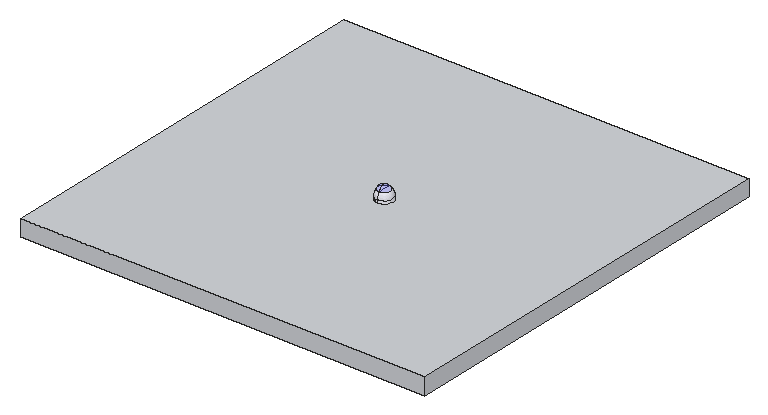
Revit family "BEG-92279", category Dispositifs d'éclairage, Revit 2015
Parameters
  Detection zone [instance] = yes
  Seat area [instance] = height position < 351 cm  # yes
  URL = "http://www.luxomat.com/en-92279"
  Type of output = "DALI (50 ballasts max)"
  Ambiant temperature = "-25°C to +50°C"
  Ref = "92279"
  Relay = "0"
  height position [instance] = 250 cm
  direct Range [instance] = height position * 3.2  # 800 cm
  transversal Range [instance] = height position * 9.6  # 2400 cm
  Modèle = "PD4-M-DALI/DSI-SM"
  installation type = "Ceiling"
  Brand = "LUXOMAT"
  Image du type = 92279.jpg
  IP = "20"
  Mounting height max = Installation height max  # 350 cm
  Installation height max = 350 cm
  Fabricant = "B.E.G"
  Label [instance] = yes
  Default Elevation = 0 cm
  Consumption = "1,03W"
  Commentaires du type = "Occupancy detector PD4-M-DALI/DSI-SM"
  Code d'assemblage = "D5010200"
  Class = "2"
  Switching power LED = "0"
  Switching power Cos ɸ =1 = "0"
  Switching power Cos ɸ =0,5 = "0"
  Power voltage = "110-240 V AC"
  seated activity [instance] = height position * 2.56  # 640 cm
Reference planes (cm)
  plane 1 "Centre (avant/arrière)": y = 0
  plane 2: z = 0
  plane 3 "Centre (gauche/droite)": x = 0
Forms (cm)
  Extrusion 1, solid
    sketch origin (0, 0, 0) x (1, 0, 0) y (0, 1, 0)
      loop
        line (-121.92, 121.92) -> (-121.92, -121.92) -> (121.92, -121.92) -> (121.92, 121.92) -> (-121.92, 121.92)
    from 0 to -10
Dimensions and locks (cm)
  aligned and locked: plane 2 to Extrusion 1
  aligned and locked: level to Extrusion 1
  aligned and locked: nested 2 to plane 2
Nested families (cm)
  nested 1: "Famille1" at (0, -72.6659, 0) x (-1, 0, 0) z (0, 0, 1), reference <- "Ref", modele <- "Modèle", visible <- "Label", type "Famille1"
    with reference "92279", modele "PD4-M-DALI/DSI-SM"
  nested 2: "M14" at (0, 0, 0), type "Standard"
  nested 3: "zone H" at (0, 0, 0) x (-1, 0, 0) z (0, 0, 1), visible <- "Detection zone", biais <- "transversal Range", frontal <- "direct Range", activité assise <- "seated activity", Zone assise <- "Seat area", type "zone H"
    with position 2 320 cm, position 1 960 cm, frontal 800 cm, biais 2400 cm, activité assise 640 cm, Zone assise yes
  nested 4: "Plafond 360° 2D" at (0, 0, 0), type "Plafond 360° 2D"
Connectors (cm)
  electrical at (0, 0, 0)
    settings: on nested 2, index 1, voltage 240 V, apparent load 0 VA, apparent load phase1 0 VA, apparent load phase2 0 VA, apparent load phase3 0 VA, power factor 1, load classification "Eclairage", number of poles 1, system type 31, power factor state 1, is connector primary yes, connector utility no, sub classification motor no, connector description ""
Definition of nested family "M14"
  Reference planes (cm)
    plane 1 "Centre (avant/arrière)": y = 0
    plane 2: z = 0
    plane 3 "Centre (gauche/droite)": x = 0
    plane 4: x = 0
  Forms (cm)
    Revolve 1, solid
      sketch origin (0, 0, 0) x (0, -1, 0) y (0, 0, 1)
        loop
          line (0, 0) -> (0, 5) -> (-3.8, 5)
          arc (-3.8, 5) -> (-4.577, 3.2225) -> (-4.8363, 1.3) r 7
          line (-4.8363, 1.3) -> (-4.9363, 1.3) -> (-5.05, 0) -> (0, 0)
        axis (0, 0) -> (0, 5)
      angle from 0 to 360
    Revolve 2, solid
      sketch origin (0, 0, 0) x (0, -1, 0) y (0, 0, 1)
        loop
          arc (0, 7.6) -> (-2.2816, 6.8864) -> (-3.75, 5) r 4.0043
          line (-3.75, 5) -> (0, 5) -> (0, 7.6)
        axis (0, 5) -> (0, 7.6)
      angle from 0 to 360
  Lines and regions (cm)
    reference lines
      curve 1: line (0, 0, 0) -> (0, 0, 7.6)
      curve 2: line (0, 0, 5) -> (0, 3.8, 5)
      curve 3: arc (0, 3.8, 5) -> (0, 4.577, 3.2225) -> (0, 4.8363, 1.3) r 7
      curve 4: line (0, 4.9363, 1.3) -> (0, 4.8363, 1.3)
      curve 5: line (0, 5.05, 0) -> (0, 4.9363, 1.3)
      curve 6: line (0, 0, 0) -> (0, 5.05, 0)
      curve 7: arc (0, 0, 7.6) -> (0, 2.2816, 6.8864) -> (0, 3.75, 5) r 4.0043
      curve 8: line (0, 3.75, 5) -> (0, 0, 5)
      curve 9: line (0, 0, 7.6) -> (0, 0, 5)
      curve 10: line (0, 0, 0) -> (0, 0, 7.6)
  Dimensions and locks (cm)
    aligned and locked: level to plane 2
    aligned and locked: Revolve 1 sketch curve to curve 1  (x2)
    aligned and locked: Revolve 1 sketch curve to curve 2
    aligned and locked: Revolve 1 sketch curve to curve 3
    aligned and locked: Revolve 1 sketch curve to curve 4
    aligned and locked: Revolve 1 sketch curve to curve 5
    aligned and locked: Revolve 1 sketch curve to curve 6
    aligned and locked: Revolve 2 sketch curve to curve 7
    aligned and locked: Revolve 2 sketch curve to curve 8
    aligned and locked: Revolve 2 sketch curve to curve 9
    aligned and locked: Revolve 2 sketch curve to curve 10
Definition of nested family "Famille1"
  Parameters (values of type "Famille1")
    reference [instance] = ""
    modele [instance] = ""
  Reference planes (cm)
    plane 1: y = 0
    plane 2: x = 0
  Text (cm)
    label "reference\n\nmodele" at (0.0074, 0.0451, 0), shows "reference", "modele"
Definition of nested family "zone H"
  Parameters (values of type "zone H")
    position 2 [instance] = (frontal / 2) * 0.8  # 320 cm
    position 1 [instance] = (biais / 2) * 0.8  # 960 cm
    frontal [instance] = 800 cm
    biais [instance] = 2400 cm
    activité assise [instance] = 640 cm
    Zone assise [instance] = yes
  Reference planes (cm)
    plane 1 "Centre (avant/arrière)": y = 0
    plane 2: z = 0
    plane 3 "Centre (gauche/droite)": x = 0
    plane 4: x = -960
    plane 5: y = -320
  Lines and regions (cm)
    detail lines, in view "Niveau de réf.", visible <- "Zone assise"
      curve 1: circle (0, 0, 0) r 320 normal (0, 0, 1)
      curve 4: spline (-105.2767, 3.2118, 0) -> (-104.9106, 3.0586, 0) -> (-103.8375, 2.9158, 0) -> (-102.1303, 2.7932, 0) -> (-99.9055, 2.6991, 0) -> (-97.3146, 2.6399, 0) -> (-94.5343, 2.6198, 0) -> (-91.7539, 2.6399, 0) -> (-89.163, 2.6991, 0) -> (-86.9382, 2.7932, 0) -> (-85.231, 2.9158, 0) -> (-84.1579, 3.0586, 0) -> (-83.7918, 3.2118, 0) -> (-84.1579, 3.365, 0) -> (-85.231, 3.5078, 0) -> (-86.9382, 3.6305, 0) -> (-89.163, 3.7245, 0) -> (-91.7539, 3.7837, 0) -> (-94.5343, 3.8039, 0) -> (-97.3146, 3.7837, 0) -> (-99.9055, 3.7245, 0) -> (-102.1303, 3.6305, 0) -> (-103.8375, 3.5078, 0) -> (-104.9106, 3.365, 0) -> (-105.2767, 3.2118, 0)
      curve 5: line (-105.2767, 3.2118, 0) -> (-103.7271, 3.5181, 0)
      curve 6: arc (-102.6495, -16.5888, 0) -> (-107.2915, -17.186, 0) -> (-111.6311, -18.9388, 0) r 18.3388
      curve 7: arc (-111.6311, -18.9388, 0) -> (-111.6982, -19.0046, 0) -> (-111.7229, -19.0953, 0) r 0.1799
      curve 8: arc (-102.4571, -17.1805, 0) -> (-106.7473, -17.5804, 0) -> (-110.8538, -18.8852, 0) r 20.1051
      curve 9: arc (-110.8538, -18.8852, 0) -> (-111.0396, -18.979, 0) -> (-111.2122, -19.0953, 0) r 1.6679
      curve 10: circle (-111.4676, -19.8292, 0) r 0.5096 normal (0, 0, 1)
      curve 11: arc (-110.898, -19.8292, 0) -> (-111.4676, -19.2597, 0) -> (-112.0372, -19.8292, 0) r 0.5696
      curve 12: arc (-110.838, -19.8292, 0) -> (-111.4676, -19.1997, 0) -> (-112.0972, -19.8292, 0) r 0.6296
      curve 13: arc (-86.4191, -16.5888, 0) -> (-81.7771, -17.186, 0) -> (-77.4374, -18.9388, 0) r 18.3388
      curve 14: arc (-77.4374, -18.9388, 0) -> (-77.3704, -19.0046, 0) -> (-77.3456, -19.0953, 0) r 0.1799
      curve 15: arc (-86.6114, -17.1805, 0) -> (-82.3212, -17.5804, 0) -> (-78.2147, -18.8852, 0) r 20.1051
      curve 16: arc (-78.2147, -18.8852, 0) -> (-78.0289, -18.979, 0) -> (-77.8563, -19.0953, 0) r 1.6679
      curve 17: circle (-77.6009, -19.8292, 0) r 0.5096 normal (0, 0, 1)
      curve 18: arc (-77.0314, -19.8292, 0) -> (-77.6009, -19.2597, 0) -> (-78.1705, -19.8292, 0) r 0.5696
      curve 19: arc (-76.9714, -19.8292, 0) -> (-77.6009, -19.1997, 0) -> (-78.2305, -19.8292, 0) r 0.6296
      curve 20: arc (-95.2593, -16.5888, 0) -> (-98.9871, -17.441, 0) -> (-102.5056, -18.9388, 0) r 21.5424
      curve 21: arc (-102.5056, -18.9388, 0) -> (-102.5726, -19.0046, 0) -> (-102.5974, -19.0953, 0) r 0.1799
      curve 22: arc (-95.2593, -17.1805, 0) -> (-98.5536, -17.8061, 0) -> (-101.7283, -18.8852, 0) r 23.9713
      curve 23: arc (-101.7283, -18.8852, 0) -> (-101.911, -18.9772, 0) -> (-102.081, -19.0909, 0) r 1.6679
      curve 24: arc (-95.0229, -17.1805, 0) -> (-98.2689, -17.8294, 0) -> (-101.4063, -18.8852, 0) r 26.0219
      curve 25: arc (-101.4063, -18.8852, 0) -> (-101.592, -18.979, 0) -> (-101.7647, -19.0953, 0) r 1.6679
      curve 26: circle (-102.181, -19.8292, 0) r 0.5096 normal (0, 0, 1)
      curve 27: arc (-101.6114, -19.8292, 0) -> (-102.181, -19.2597, 0) -> (-102.7506, -19.8292, 0) r 0.5696
      curve 28: arc (-101.5514, -19.8292, 0) -> (-102.181, -19.1997, 0) -> (-102.8106, -19.8292, 0) r 0.6296
      curve 29: arc (-93.8092, -16.5888, 0) -> (-90.0814, -17.441, 0) -> (-86.5629, -18.9388, 0) r 21.5424
      curve 30: arc (-86.5629, -18.9388, 0) -> (-86.4959, -19.0046, 0) -> (-86.4711, -19.0953, 0) r 0.1799
      curve 31: arc (-93.8092, -17.1805, 0) -> (-90.5149, -17.8061, 0) -> (-87.3402, -18.8852, 0) r 23.9713
      curve 32: arc (-87.3402, -18.8852, 0) -> (-87.1544, -18.979, 0) -> (-86.9818, -19.0953, 0) r 1.6679
      curve 33: arc (-94.0457, -17.1805, 0) -> (-90.7996, -17.8294, 0) -> (-87.6622, -18.8852, 0) r 26.0219
      curve 34: arc (-87.6622, -18.8852, 0) -> (-87.4765, -18.979, 0) -> (-87.3039, -19.0953, 0) r 1.6679
      curve 35: circle (-86.8875, -19.8292, 0) r 0.5096 normal (0, 0, 1)
      curve 36: arc (-86.3179, -19.8292, 0) -> (-86.8875, -19.2597, 0) -> (-87.4571, -19.8292, 0) r 0.5696
      curve 37: arc (-86.2579, -19.8292, 0) -> (-86.8875, -19.1997, 0) -> (-87.5171, -19.8292, 0) r 0.6296
      curve 38: arc (-103.0079, 8.8705, 0) -> (-101.8776, 5.8173, 0) -> (-98.8653, 4.5819, 0) r 4.0512
      curve 39: arc (-83.7186, 4.2269, 0) -> (-82.9538, 3.7817, 0) -> (-82.7946, 2.9112, 0) r 1.0582
      curve 40: arc (-82.7946, 2.9112, 0) -> (-84.0889, -6.227, 0) -> (-84.0703, -15.4564, 0) r 64.7189
      curve 41: arc (-84.0703, -15.4564, 0) -> (-83.933, -16.0031, 0) -> (-83.4527, -16.2981, 0) r 0.7467
      curve 42: arc (-83.4527, -16.2981, 0) -> (-80.3714, -16.8717, 0) -> (-77.238, -16.9405, 0) r 19.3577
      curve 43: arc (-77.238, -16.9405, 0) -> (-77.6363, -16.4391, 0) -> (-78.2461, -16.244, 0) r 1.1013
      curve 44: arc (-78.2461, -16.244, 0) -> (-80.4274, -15.8096, 0) -> (-82.5587, -15.1742, 0) r 23.8747
      curve 45: arc (-82.5587, -15.1742, 0) -> (-81.6045, -6.5488, 0) -> (-80.848, 2.0961, 0) r 379.1961
      curve 46: arc (-80.848, 2.0961, 0) -> (-81.0708, 4.8418, 0) -> (-83.0581, 6.7494, 0) r 3.8846
      curve 47: arc (-83.0581, 6.7494, 0) -> (-89.2141, 8.8147, 0) -> (-95.6542, 9.6431, 0) r 33.2193
      curve 48: arc (-95.6542, 9.6431, 0) -> (-94.8516, 17.305, 0) -> (-94.8609, 25.0089, 0) r 72.9952
      curve 49: arc (-95.1116, 28.28, 0) -> (-95.2196, 29.2958, 0) -> (-95.3418, 30.31, 0) r 72.9952
      curve 50: arc (-98.1747, 30.0752, 0) -> (-100.3426, 29.2913, 0) -> (-99.4886, 27.1501, 0) r 1.6042
      curve 51: arc (-95.3418, 30.31, 0) -> (-98.7298, 32.2574, 0) -> (-102.1179, 30.31, 0) r 3.9209
      curve 52: arc (-68.8418, 20.3177, 0) -> (-68.8537, 20.2265, 0) -> (-68.9411, 20.2549, 0) r 0.0597
      curve 53: arc (-70.9776, 20.5408, 0) -> (-70.9496, 20.3832, 0) -> (-71.1082, 20.3621, 0) r 0.1108
      curve 54: spline (-98.8908, 41.6409, 0) -> (-97.9793, 41.5103, 0) -> (-97.1229, 41.0855, 0) -> (-96.38, 40.3954, 0) -> (-95.8012, 39.4871, 0) -> (-95.426, 38.4224, 0) -> (-95.2799, 37.274, 0) -> (-95.3728, 36.12, 0) -> (-95.6985, 35.0392, 0) -> (-96.2348, 34.1051, 0) -> (-96.945, 33.3815, 0) -> (-97.7809, 32.9176, 0) -> (-98.6854, 32.7451, 0) -> (-99.5969, 32.8757, 0) -> (-100.4532, 33.3005, 0) -> (-101.1961, 33.9906, 0) -> (-101.7749, 34.8989, 0) -> (-102.1502, 35.9636, 0) -> (-102.2963, 37.112, 0) -> (-102.2033, 38.266, 0) -> (-101.8776, 39.3468, 0) -> (-101.3414, 40.2809, 0) -> (-100.6311, 41.0045, 0) -> (-99.7953, 41.4684, 0) -> (-98.8908, 41.6409, 0)
      curve 55: line (-74.1608, -20.3388, 0) -> (-33.3759, -20.3388, 0)
      curve 56: line (-33.3759, -20.3388, 0) -> (-33.3759, 18.6681, 0)
      curve 57: line (-33.3759, 18.6681, 0) -> (-74.1608, 18.6681, 0)
      curve 58: line (-74.1608, 18.6681, 0) -> (-74.1608, -20.3388, 0)
      curve 59: line (-74.1608, -20.3388, 0) -> (-120.7181, -20.3388, 0)
      curve 60: line (-80.1025, 18.6681, 0) -> (-27.4342, 18.6681, 0)
      curve 61: line (-27.4342, 18.6681, 0) -> (-27.4342, 20.1345, 0)
      curve 62: line (-27.4342, 20.1345, 0) -> (-80.1025, 20.1345, 0)
      curve 63: line (-80.1025, 20.1345, 0) -> (-80.1025, 18.6681, 0)
      curve 64: line (-95.5223, 2.6198, 0) -> (-93.5462, 2.6198, 0)
      curve 65: line (-93.5462, 2.6198, 0) -> (-93.5462, -16.5888, 0)
      curve 66: line (-93.5462, -16.5888, 0) -> (-95.5223, -16.5888, 0)
      curve 67: line (-95.5223, -16.5888, 0) -> (-95.5223, 2.6198, 0)
      curve 68: line (-95.5223, -16.5888, 0) -> (-102.6495, -16.5888, 0)
      curve 69: line (-111.7229, -19.0953, 0) -> (-111.2122, -19.0953, 0)
      curve 70: line (-93.8092, -16.5888, 0) -> (-94.0457, -17.1805, 0)
      curve 71: line (-94.0457, -17.1805, 0) -> (-93.8092, -17.1805, 0)
      curve 72: line (-93.8092, -17.1805, 0) -> (-94.5343, -17.1805, 0)
      curve 73: line (-94.5343, -17.1805, 0) -> (-95.2593, -17.1805, 0)
      curve 74: line (-95.2593, -17.1805, 0) -> (-95.0229, -17.1805, 0)
      curve 75: line (-95.0229, -17.1805, 0) -> (-95.2593, -16.5888, 0)
      curve 76: line (-98.1226, -17.1805, 0) -> (-102.4571, -17.1805, 0)
      curve 77: line (-112.0372, -19.8292, 0) -> (-112.0972, -19.8292, 0)
      curve 78: line (-110.898, -19.8292, 0) -> (-110.838, -19.8292, 0)
      curve 79: line (-111.3676, -19.2076, 0) -> (-111.3676, -19.0953, 0)
      curve 80: line (-111.5676, -19.2076, 0) -> (-111.5676, -19.0953, 0)
      curve 81: line (-93.5462, -16.5888, 0) -> (-86.4191, -16.5888, 0)
      curve 82: line (-77.3456, -19.0953, 0) -> (-77.8563, -19.0953, 0)
      curve 83: line (-90.9459, -17.1805, 0) -> (-86.6114, -17.1805, 0)
      curve 84: line (-77.0314, -19.8292, 0) -> (-76.9714, -19.8292, 0)
      curve 85: line (-78.1705, -19.8292, 0) -> (-78.2305, -19.8292, 0)
      curve 86: line (-77.7009, -19.2076, 0) -> (-77.7009, -19.0953, 0)
      curve 87: line (-77.5009, -19.2076, 0) -> (-77.5009, -19.0953, 0)
      curve 88: line (-102.5974, -19.0953, 0) -> (-101.7647, -19.0953, 0)
      curve 89: line (-102.7506, -19.8292, 0) -> (-102.8106, -19.8292, 0)
      curve 90: line (-101.6114, -19.8292, 0) -> (-101.5514, -19.8292, 0)
      curve 91: line (-102.081, -19.2076, 0) -> (-102.081, -19.0909, 0)
      curve 92: line (-102.281, -19.2076, 0) -> (-102.281, -19.0953, 0)
      curve 93: line (-86.4711, -19.0953, 0) -> (-87.3039, -19.0953, 0)
      curve 94: line (-86.3179, -19.8292, 0) -> (-86.2579, -19.8292, 0)
      curve 95: line (-87.4571, -19.8292, 0) -> (-87.5171, -19.8292, 0)
      curve 96: line (-86.9875, -19.2076, 0) -> (-86.9875, -19.0953, 0)
      curve 97: line (-86.7875, -19.2076, 0) -> (-86.7875, -19.0953, 0)
      curve 98: line (-98.8653, 4.5819, 0) -> (-83.7186, 4.2269, 0)
      curve 99: line (-103.0079, 8.8705, 0) -> (-102.1179, 30.31, 0)
      curve 100: line (-98.1747, 30.0752, 0) -> (-85.3255, 22.5448, 0)
      curve 101: line (-85.3255, 22.5448, 0) -> (-74.2929, 21.667, 0)
      curve 102: line (-74.2929, 21.667, 0) -> (-71.6033, 21.7219, 0)
      curve 103: line (-71.6033, 21.7219, 0) -> (-69.7371, 21.2829, 0)
      curve 104: line (-69.7371, 21.2829, 0) -> (-68.8418, 20.3177, 0)
      curve 105: line (-68.9411, 20.2549, 0) -> (-69.7808, 21.0896, 0)
      curve 106: line (-69.7808, 21.0896, 0) -> (-71.6115, 21.2989, 0)
      curve 107: line (-71.6115, 21.2989, 0) -> (-72.0159, 21.0248, 0)
      curve 108: line (-72.0159, 21.0248, 0) -> (-70.9776, 20.5408, 0)
      curve 109: line (-71.1082, 20.3621, 0) -> (-72.6656, 20.8949, 0)
      curve 110: line (-72.6656, 20.8949, 0) -> (-74.496, 20.6558, 0)
      curve 111: line (-74.496, 20.6558, 0) -> (-86.0144, 20.9158, 0)
      curve 112: line (-86.0144, 20.9158, 0) -> (-99.4886, 27.1501, 0)
      curve 113: line (-99.8644, 32.9741, 0) -> (-99.9944, 32.0479, 0)
      curve 114: line (-97.5142, 33.0301, 0) -> (-97.3718, 32.0147, 0)
      curve 115: line (-33.3759, -20.3388, 0) -> (-21.8014, -20.3388, 0)
    detail lines, in view "Niveau de réf."
      curve 2: circle (0, 0, 0) r 400 normal (0, 0, 1)
      curve 3: circle (0, 0, 0) r 1200 normal (0, 0, 1)
      curve 116: spline (2.3068, -347.7265, 0) -> (4.0856, -347.3949, 0) -> (5.7432, -346.4226, 0) -> (7.1667, -344.876, 0) -> (8.2589, -342.8603, 0) -> (8.9455, -340.5131, 0) -> (9.1797, -337.9942, 0) -> (8.9455, -335.4753, 0) -> (8.2589, -333.1281, 0) -> (7.1667, -331.1125, 0) -> (5.7432, -329.5658, 0) -> (4.0856, -328.5936, 0) -> (2.3068, -328.262, 0) -> (0.5279, -328.5936, 0) -> (-1.1297, -329.5658, 0) -> (-2.5531, -331.1125, 0) -> (-3.6453, -333.1281, 0) -> (-4.3319, -335.4753, 0) -> (-4.5661, -337.9942, 0) -> (-4.3319, -340.5131, 0) -> (-3.6453, -342.8603, 0) -> (-2.5531, -344.876, 0) -> (-1.1297, -346.4226, 0) -> (0.5279, -347.3949, 0) -> (2.3068, -347.7265, 0)
      curve 117: line (-4.7649, -335.0929, 0) -> (0.5136, -347.9212, 0)
      curve 118: line (3.5648, -348.0775, 0) -> (9.2455, -334.5266, 0)
      curve 119: line (-0.3759, -328.4588, 0) -> (-3.0011, -330.8806, 0)
      curve 120: line (3.5053, -348.5045, 0) -> (6.62, -348.3756, 0)
      curve 121: line (1.7304, -348.3525, 0) -> (3.5053, -348.5045, 0)
      curve 122: line (-4.7649, -335.0929, 0) -> (0.5136, -347.9212, 0)
      curve 123: line (-21.1936, -335.3894, 0) -> (-24.4202, -337.3623, 0)
      curve 124: line (-21.1936, -335.3894, 0) -> (-24.4202, -337.3623, 0)
      curve 125: line (-0.3759, -328.4588, 0) -> (-3.0011, -330.8806, 0)
      curve 126: line (1.7304, -348.3525, 0) -> (6.62, -348.3756, 0)
      curve 127: line (3.5648, -348.0775, 0) -> (9.2455, -334.5266, 0)
      curve 128: line (0, -320, 0) -> (0, -289.0788, 0)
      curve 129: line (0, -289.0788, 0) -> (0, -280.7814, 0)
      curve 130: spline (-957.6932, -27.7265, 0) -> (-955.9144, -27.3949, 0) -> (-954.2568, -26.4226, 0) -> (-952.8333, -24.876, 0) -> (-951.7411, -22.8603, 0) -> (-951.0545, -20.5131, 0) -> (-950.8203, -17.9942, 0) -> (-951.0545, -15.4753, 0) -> (-951.7411, -13.1281, 0) -> (-952.8333, -11.1125, 0) -> (-954.2568, -9.5658, 0) -> (-955.9144, -8.5936, 0) -> (-957.6932, -8.262, 0) -> (-959.4721, -8.5936, 0) -> (-961.1297, -9.5658, 0) -> (-962.5531, -11.1125, 0) -> (-963.6453, -13.1281, 0) -> (-964.3319, -15.4753, 0) -> (-964.5661, -17.9942, 0) -> (-964.3319, -20.5131, 0) -> (-963.6453, -22.8603, 0) -> (-962.5531, -24.876, 0) -> (-961.1297, -26.4226, 0) -> (-959.4721, -27.3949, 0) -> (-957.6932, -27.7265, 0)
      curve 131: line (-964.7649, -15.0929, 0) -> (-959.4864, -27.9212, 0)
      curve 132: line (-956.4352, -28.0775, 0) -> (-950.7545, -14.5266, 0)
      curve 133: line (-960.3759, -8.4588, 0) -> (-963.0011, -10.8806, 0)
      curve 134: line (-956.4947, -28.5045, 0) -> (-953.38, -28.3756, 0)
      curve 135: line (-958.2696, -28.3525, 0) -> (-956.4947, -28.5045, 0)
      curve 136: line (-964.7649, -15.0929, 0) -> (-959.4864, -27.9212, 0)
      curve 137: line (-981.1936, -15.3894, 0) -> (-984.4202, -17.3623, 0)
      curve 138: line (-981.1936, -15.3894, 0) -> (-984.4202, -17.3623, 0)
      curve 139: line (-960.3759, -8.4588, 0) -> (-963.0011, -10.8806, 0)
      curve 140: line (-958.2696, -28.3525, 0) -> (-953.38, -28.3756, 0)
      curve 141: line (-956.4352, -28.0775, 0) -> (-950.7545, -14.5266, 0)
      curve 142: line (-960, 0, 0) -> (-960, 30.9212, 0)
      curve 143: line (-960, 30.9212, 0) -> (-960, 39.2186, 0)
    detail lines, in view "Niveau de réf.", visible <- "Zone assise", not visible
      curve 144: spline (925.976, -22.5654, 0) -> (926.342, -22.7186, 0) -> (927.4152, -22.8614, 0) -> (929.1224, -22.984, 0) -> (931.3472, -23.0781, 0) -> (933.938, -23.1373, 0) -> (936.7184, -23.1574, 0) -> (939.4987, -23.1373, 0) -> (942.0896, -23.0781, 0) -> (944.3144, -22.984, 0) -> (946.0216, -22.8614, 0) -> (947.0948, -22.7186, 0) -> (947.4608, -22.5654, 0) -> (947.0948, -22.4122, 0) -> (946.0216, -22.2694, 0) -> (944.3144, -22.1467, 0) -> (942.0896, -22.0527, 0) -> (939.4987, -21.9935, 0) -> (936.7184, -21.9733, 0) -> (933.938, -21.9935, 0) -> (931.3472, -22.0527, 0) -> (929.1224, -22.1467, 0) -> (927.4152, -22.2694, 0) -> (926.342, -22.4122, 0) -> (925.976, -22.5654, 0)
      curve 145: line (925.976, -22.5654, 0) -> (927.5256, -22.2591, 0)
      curve 146: arc (928.6032, -42.366, 0) -> (923.9612, -42.9632, 0) -> (919.6215, -44.716, 0) r 18.3388
      curve 147: arc (919.6215, -44.716, 0) -> (919.5545, -44.7818, 0) -> (919.5297, -44.8725, 0) r 0.1799
      curve 148: arc (928.7956, -42.9577, 0) -> (924.5053, -43.3576, 0) -> (920.3988, -44.6624, 0) r 20.1051
      curve 149: arc (920.3988, -44.6624, 0) -> (920.213, -44.7562, 0) -> (920.0404, -44.8725, 0) r 1.6679
      curve 150: circle (919.7851, -45.6065, 0) r 0.5096 normal (0, 0, 1)
      curve 151: arc (920.3547, -45.6065, 0) -> (919.7851, -45.0369, 0) -> (919.2155, -45.6065, 0) r 0.5696
      curve 152: arc (920.4147, -45.6065, 0) -> (919.7851, -44.9769, 0) -> (919.1555, -45.6065, 0) r 0.6296
      curve 153: arc (944.8336, -42.366, 0) -> (949.4756, -42.9632, 0) -> (953.8152, -44.716, 0) r 18.3388
      curve 154: arc (953.8152, -44.716, 0) -> (953.8823, -44.7818, 0) -> (953.907, -44.8725, 0) r 0.1799
      curve 155: arc (944.6412, -42.9577, 0) -> (948.9315, -43.3576, 0) -> (953.038, -44.6624, 0) r 20.1051
      curve 156: arc (953.038, -44.6624, 0) -> (953.2237, -44.7562, 0) -> (953.3964, -44.8725, 0) r 1.6679
      curve 157: circle (953.6517, -45.6065, 0) r 0.5096 normal (0, 0, 1)
      curve 158: arc (954.2213, -45.6065, 0) -> (953.6517, -45.0369, 0) -> (953.0821, -45.6065, 0) r 0.5696
      curve 159: arc (954.2813, -45.6065, 0) -> (953.6517, -44.9769, 0) -> (953.0221, -45.6065, 0) r 0.6296
      curve 160: arc (935.9933, -42.366, 0) -> (932.2655, -43.2182, 0) -> (928.7471, -44.716, 0) r 21.5424
      curve 161: arc (928.7471, -44.716, 0) -> (928.68, -44.7818, 0) -> (928.6553, -44.8725, 0) r 0.1799
      curve 162: arc (935.9933, -42.9577, 0) -> (932.6991, -43.5833, 0) -> (929.5243, -44.6624, 0) r 23.9713
      curve 163: arc (929.5243, -44.6624, 0) -> (929.3417, -44.7544, 0) -> (929.1716, -44.8681, 0) r 1.6679
      curve 164: arc (936.2298, -42.9577, 0) -> (932.9838, -43.6066, 0) -> (929.8464, -44.6624, 0) r 26.0219
      curve 165: arc (929.8464, -44.6624, 0) -> (929.6606, -44.7562, 0) -> (929.488, -44.8725, 0) r 1.6679
      curve 166: circle (929.0716, -45.6065, 0) r 0.5096 normal (0, 0, 1)
      curve 167: arc (929.6412, -45.6065, 0) -> (929.0716, -45.0369, 0) -> (928.502, -45.6065, 0) r 0.5696
      curve 168: arc (929.7012, -45.6065, 0) -> (929.0716, -44.9769, 0) -> (928.442, -45.6065, 0) r 0.6296
      curve 169: arc (937.4435, -42.366, 0) -> (941.1713, -43.2182, 0) -> (944.6897, -44.716, 0) r 21.5424
      curve 170: arc (944.6897, -44.716, 0) -> (944.7568, -44.7818, 0) -> (944.7815, -44.8725, 0) r 0.1799
      curve 171: arc (937.4435, -42.9577, 0) -> (940.7377, -43.5833, 0) -> (943.9124, -44.6624, 0) r 23.9713
      curve 172: arc (943.9124, -44.6624, 0) -> (944.0982, -44.7562, 0) -> (944.2708, -44.8725, 0) r 1.6679
      curve 173: arc (937.207, -42.9577, 0) -> (940.453, -43.6066, 0) -> (943.5904, -44.6624, 0) r 26.0219
      curve 174: arc (943.5904, -44.6624, 0) -> (943.7762, -44.7562, 0) -> (943.9488, -44.8725, 0) r 1.6679
      curve 175: circle (944.3651, -45.6065, 0) r 0.5096 normal (0, 0, 1)
      curve 176: arc (944.9347, -45.6065, 0) -> (944.3651, -45.0369, 0) -> (943.7956, -45.6065, 0) r 0.5696
      curve 177: arc (944.9947, -45.6065, 0) -> (944.3651, -44.9769, 0) -> (943.7356, -45.6065, 0) r 0.6296
      curve 178: arc (928.2447, -16.9067, 0) -> (929.3751, -19.9599, 0) -> (932.3873, -21.1953, 0) r 4.0512
      curve 179: arc (947.5341, -21.5503, 0) -> (948.2989, -21.9955, 0) -> (948.4581, -22.866, 0) r 1.0582
      curve 180: arc (948.4581, -22.866, 0) -> (947.1637, -32.0042, 0) -> (947.1824, -41.2336, 0) r 64.7189
      curve 181: arc (947.1824, -41.2336, 0) -> (947.3196, -41.7803, 0) -> (947.8, -42.0753, 0) r 0.7467
      curve 182: arc (947.8, -42.0753, 0) -> (950.8812, -42.6489, 0) -> (954.0146, -42.7177, 0) r 19.3577
      curve 183: arc (954.0146, -42.7177, 0) -> (953.6164, -42.2163, 0) -> (953.0065, -42.0212, 0) r 1.1013
      curve 184: arc (953.0065, -42.0212, 0) -> (950.8253, -41.5868, 0) -> (948.6939, -40.9514, 0) r 23.8747
      curve 185: arc (948.6939, -40.9514, 0) -> (949.6481, -32.326, 0) -> (950.4047, -23.6811, 0) r 379.1961
      curve 186: arc (950.4047, -23.6811, 0) -> (950.1819, -20.9354, 0) -> (948.1945, -19.0278, 0) r 3.8846
      curve 187: arc (948.1945, -19.0278, 0) -> (942.0386, -16.9625, 0) -> (935.5985, -16.1341, 0) r 33.2193
      curve 188: arc (935.5985, -16.1341, 0) -> (936.4011, -8.4722, 0) -> (936.3918, -0.7683, 0) r 72.9952
      curve 189: arc (936.1411, 2.5028, 0) -> (936.0331, 3.5186, 0) -> (935.9108, 4.5328, 0) r 72.9952
      curve 190: arc (933.0779, 4.298, 0) -> (930.9101, 3.5141, 0) -> (931.7641, 1.3729, 0) r 1.6042
      curve 191: arc (935.9108, 4.5328, 0) -> (932.5228, 6.4802, 0) -> (929.1348, 4.5328, 0) r 3.9209
      curve 192: arc (962.4108, -5.4595, 0) -> (962.3989, -5.5507, 0) -> (962.3115, -5.5223, 0) r 0.0597
      curve 193: arc (960.275, -5.2364, 0) -> (960.303, -5.394, 0) -> (960.1444, -5.4151, 0) r 0.1108
      curve 194: spline (932.3619, 15.8637, 0) -> (933.2734, 15.7331, 0) -> (934.1297, 15.3083, 0) -> (934.8726, 14.6182, 0) -> (935.4514, 13.7099, 0) -> (935.8267, 12.6452, 0) -> (935.9728, 11.4968, 0) -> (935.8798, 10.3428, 0) -> (935.5541, 9.262, 0) -> (935.0179, 8.3279, 0) -> (934.3076, 7.6043, 0) -> (933.4718, 7.1404, 0) -> (932.5673, 6.9679, 0) -> (931.6558, 7.0985, 0) -> (930.7994, 7.5233, 0) -> (930.0565, 8.2134, 0) -> (929.4777, 9.1217, 0) -> (929.1025, 10.1864, 0) -> (928.9564, 11.3348, 0) -> (929.0493, 12.4888, 0) -> (929.375, 13.5696, 0) -> (929.9113, 14.5037, 0) -> (930.6215, 15.2273, 0) -> (931.4574, 15.6912, 0) -> (932.3619, 15.8637, 0)
      curve 195: line (957.0918, -46.116, 0) -> (997.8768, -46.116, 0)
      curve 196: line (997.8768, -46.116, 0) -> (997.8768, -7.1091, 0)
      curve 197: line (997.8768, -7.1091, 0) -> (957.0918, -7.1091, 0)
      curve 198: line (957.0918, -7.1091, 0) -> (957.0918, -46.116, 0)
      curve 199: line (957.0918, -46.116, 0) -> (910.5345, -46.116, 0)
      curve 200: line (951.1501, -7.1091, 0) -> (1003.8185, -7.1091, 0)
      curve 201: line (1003.8185, -7.1091, 0) -> (1003.8185, -5.6427, 0)
      curve 202: line (1003.8185, -5.6427, 0) -> (951.1501, -5.6427, 0)
      curve 203: line (951.1501, -5.6427, 0) -> (951.1501, -7.1091, 0)
      curve 204: line (935.7304, -23.1574, 0) -> (937.7064, -23.1574, 0)
      curve 205: line (937.7064, -23.1574, 0) -> (937.7064, -42.366, 0)
      curve 206: line (937.7064, -42.366, 0) -> (935.7304, -42.366, 0)
      curve 207: line (935.7304, -42.366, 0) -> (935.7304, -23.1574, 0)
      curve 208: line (935.7304, -42.366, 0) -> (928.6032, -42.366, 0)
      curve 209: line (919.5297, -44.8725, 0) -> (920.0404, -44.8725, 0)
      curve 210: line (937.4435, -42.366, 0) -> (937.207, -42.9577, 0)
      curve 211: line (937.207, -42.9577, 0) -> (937.4435, -42.9577, 0)
      curve 212: line (937.4435, -42.9577, 0) -> (936.7184, -42.9577, 0)
      curve 213: line (936.7184, -42.9577, 0) -> (935.9933, -42.9577, 0)
      curve 214: line (935.9933, -42.9577, 0) -> (936.2298, -42.9577, 0)
      curve 215: line (936.2298, -42.9577, 0) -> (935.9933, -42.366, 0)
      curve 216: line (933.13, -42.9577, 0) -> (928.7956, -42.9577, 0)
      curve 217: line (919.2155, -45.6065, 0) -> (919.1555, -45.6065, 0)
      curve 218: line (920.3547, -45.6065, 0) -> (920.4147, -45.6065, 0)
      curve 219: line (919.8851, -44.9848, 0) -> (919.8851, -44.8725, 0)
      curve 220: line (919.6851, -44.9848, 0) -> (919.6851, -44.8725, 0)
      curve 221: line (937.7064, -42.366, 0) -> (944.8336, -42.366, 0)
      curve 222: line (953.907, -44.8725, 0) -> (953.3964, -44.8725, 0)
      curve 223: line (940.3068, -42.9577, 0) -> (944.6412, -42.9577, 0)
      curve 224: line (954.2213, -45.6065, 0) -> (954.2813, -45.6065, 0)
      curve 225: line (953.0821, -45.6065, 0) -> (953.0221, -45.6065, 0)
      curve 226: line (953.5517, -44.9848, 0) -> (953.5517, -44.8725, 0)
      curve 227: line (953.7517, -44.9848, 0) -> (953.7517, -44.8725, 0)
      curve 228: line (928.6553, -44.8725, 0) -> (929.488, -44.8725, 0)
      curve 229: line (928.502, -45.6065, 0) -> (928.442, -45.6065, 0)
      curve 230: line (929.6412, -45.6065, 0) -> (929.7012, -45.6065, 0)
      curve 231: line (929.1716, -44.9848, 0) -> (929.1716, -44.8681, 0)
      curve 232: line (928.9716, -44.9848, 0) -> (928.9716, -44.8725, 0)
      curve 233: line (944.7815, -44.8725, 0) -> (943.9488, -44.8725, 0)
      curve 234: line (944.9347, -45.6065, 0) -> (944.9947, -45.6065, 0)
      curve 235: line (943.7956, -45.6065, 0) -> (943.7356, -45.6065, 0)
      curve 236: line (944.2651, -44.9848, 0) -> (944.2651, -44.8725, 0)
      curve 237: line (944.4651, -44.9848, 0) -> (944.4651, -44.8725, 0)
      curve 238: line (932.3873, -21.1953, 0) -> (947.5341, -21.5503, 0)
      curve 239: line (928.2447, -16.9067, 0) -> (929.1348, 4.5328, 0)
      curve 240: line (933.0779, 4.298, 0) -> (945.9271, -3.2324, 0)
      curve 241: line (945.9271, -3.2324, 0) -> (956.9598, -4.1102, 0)
      curve 242: line (956.9598, -4.1102, 0) -> (959.6493, -4.0553, 0)
      curve 243: line (959.6493, -4.0553, 0) -> (961.5155, -4.4943, 0)
      curve 244: line (961.5155, -4.4943, 0) -> (962.4108, -5.4595, 0)
      curve 245: line (962.3115, -5.5223, 0) -> (961.4719, -4.6876, 0)
      curve 246: line (961.4719, -4.6876, 0) -> (959.6412, -4.4783, 0)
      curve 247: line (959.6412, -4.4783, 0) -> (959.2367, -4.7524, 0)
      curve 248: line (959.2367, -4.7524, 0) -> (960.275, -5.2364, 0)
      curve 249: line (960.1444, -5.4151, 0) -> (958.5871, -4.8823, 0)
      curve 250: line (958.5871, -4.8823, 0) -> (956.7566, -5.1214, 0)
      curve 251: line (956.7566, -5.1214, 0) -> (945.2383, -4.8614, 0)
      curve 252: line (945.2383, -4.8614, 0) -> (931.7641, 1.3729, 0)
      curve 253: line (931.3882, 7.1969, 0) -> (931.2583, 6.2707, 0)
      curve 254: line (933.7384, 7.2529, 0) -> (933.8809, 6.2375, 0)
      curve 255: line (997.8768, -46.116, 0) -> (1009.4512, -46.116, 0)
    detail lines, in view "Niveau de réf.", not visible
      curve 256: spline (630.3724, -48.277, 0) -> (632.1512, -47.9453, 0) -> (633.8088, -46.9731, 0) -> (635.2323, -45.4264, 0) -> (636.3245, -43.4108, 0) -> (637.0111, -41.0636, 0) -> (637.2453, -38.5447, 0) -> (637.0111, -36.0258, 0) -> (636.3245, -33.6786, 0) -> (635.2323, -31.663, 0) -> (633.8088, -30.1163, 0) -> (632.1512, -29.1441, 0) -> (630.3724, -28.8124, 0) -> (628.5935, -29.1441, 0) -> (626.9359, -30.1163, 0) -> (625.5125, -31.663, 0) -> (624.4202, -33.6786, 0) -> (623.7336, -36.0258, 0) -> (623.4995, -38.5447, 0) -> (623.7336, -41.0636, 0) -> (624.4202, -43.4108, 0) -> (625.5125, -45.4264, 0) -> (626.9359, -46.9731, 0) -> (628.5935, -47.9453, 0) -> (630.3724, -48.277, 0)
      curve 257: line (623.3007, -35.6434, 0) -> (628.5792, -48.4717, 0)
      curve 258: line (631.6303, -48.628, 0) -> (637.311, -35.0771, 0)
      curve 259: line (627.6897, -29.0093, 0) -> (625.0645, -31.4311, 0)
      curve 260: line (631.5709, -49.055, 0) -> (634.6856, -48.9261, 0)
      curve 261: line (629.7959, -48.903, 0) -> (631.5709, -49.055, 0)
      curve 262: line (623.3007, -35.6434, 0) -> (628.5792, -48.4717, 0)
      curve 263: line (606.872, -35.9399, 0) -> (603.6454, -37.9127, 0)
      curve 264: line (606.872, -35.9399, 0) -> (603.6454, -37.9127, 0)
      curve 265: line (627.6897, -29.0093, 0) -> (625.0645, -31.4311, 0)
      curve 266: line (629.7959, -48.903, 0) -> (634.6856, -48.9261, 0)
      curve 267: line (631.6303, -48.628, 0) -> (637.311, -35.0771, 0)
      curve 268: line (628.0656, -20.5505, 0) -> (628.0656, 10.3707, 0)
      curve 269: line (628.0656, 10.3707, 0) -> (628.0656, 18.6681, 0)
      curve 270: spline (1030.3724, -260.777, 0) -> (1032.1512, -260.4453, 0) -> (1033.8088, -259.4731, 0) -> (1035.2323, -257.9264, 0) -> (1036.3245, -255.9108, 0) -> (1037.0111, -253.5636, 0) -> (1037.2453, -251.0447, 0) -> (1037.0111, -248.5258, 0) -> (1036.3245, -246.1786, 0) -> (1035.2323, -244.163, 0) -> (1033.8088, -242.6163, 0) -> (1032.1512, -241.6441, 0) -> (1030.3724, -241.3124, 0) -> (1028.5935, -241.6441, 0) -> (1026.9359, -242.6163, 0) -> (1025.5125, -244.163, 0) -> (1024.4202, -246.1786, 0) -> (1023.7336, -248.5258, 0) -> (1023.4995, -251.0447, 0) -> (1023.7336, -253.5636, 0) -> (1024.4202, -255.9108, 0) -> (1025.5125, -257.9264, 0) -> (1026.9359, -259.4731, 0) -> (1028.5935, -260.4453, 0) -> (1030.3724, -260.777, 0)
      curve 271: line (1023.3007, -248.1434, 0) -> (1028.5792, -260.9717, 0)
      curve 272: line (1031.6303, -261.128, 0) -> (1037.311, -247.5771, 0)
      curve 273: line (1027.6897, -241.5093, 0) -> (1025.0645, -243.9311, 0)
      curve 274: line (1031.5709, -261.555, 0) -> (1034.6856, -261.4261, 0)
      curve 275: line (1029.7959, -261.403, 0) -> (1031.5709, -261.555, 0)
      curve 276: line (1023.3007, -248.1434, 0) -> (1028.5792, -260.9717, 0)
      curve 277: line (1006.872, -248.4399, 0) -> (1003.6454, -250.4127, 0)
      curve 278: line (1006.872, -248.4399, 0) -> (1003.6454, -250.4127, 0)
      curve 279: line (1027.6897, -241.5093, 0) -> (1025.0645, -243.9311, 0)
      curve 280: line (1029.7959, -261.403, 0) -> (1034.6856, -261.4261, 0)
      curve 281: line (1031.6303, -261.128, 0) -> (1037.311, -247.5771, 0)
      curve 282: line (1028.0656, -233.0505, 0) -> (1028.0656, -202.1293, 0)
      curve 283: line (1028.0656, -202.1293, 0) -> (1028.0656, -193.8319, 0)
  Text (cm)
    text "2" at (0.4332, -361.3743, 0), in view "Niveau de réf."
    text "1" at (-959.5668, -41.3743, 0), in view "Niveau de réf."
    text "1" at (628.4988, -61.9248, 0), in view "Niveau de réf.", not visible
    text "2" at (1028.4988, -274.4248, 0), in view "Niveau de réf.", not visible
  Dimensions and locks (cm)
    "position 1": plane 4 to plane 3 "Centre (gauche/droite)"
    "position 2": plane 5 to plane 1 "Centre (avant/arrière)"
    "activité assise": diameter of curve 1
    "biais": diameter of curve 3
    "frontal": diameter of curve 2
    aligned and locked: curve 142 to plane 1 "Centre (avant/arrière)"
    aligned and locked: curve 128 to plane 3 "Centre (gauche/droite)"
    aligned and locked: plane 4 to curve 142
    aligned and locked: plane 5 to curve 128
  Automatic sketch dimensions
    curve 1 to curve 2 = 0 cm  (x2)
    curve 1 to curve 3 = 0 cm  (x2)
    curve 2 to curve 3 = 0 cm  (x2)
    plane 1 "Centre (avant/arrière)" to curve 2 = 0 cm
    curve 2 to plane 3 "Centre (gauche/droite)" = 0 cm
Definition of nested family "Plafond 360° 2D"
  Reference planes (cm)
    plane 1: y = 0
    plane 2: x = 0
  Lines and regions (cm)
    Filled region 1, type "rouge"
      outline origin (0, 0, 0) x (1, 0, 0) y (0, 1, 0)
        loop
          circle (0, 0) r 0.0294
    detail lines
      curve 1: arc (-0.1732, 0.1, 0) -> (-0.2, 0, 0) -> (-0.1732, -0.1, 0) r 0.2
      curve 2: arc (-0.1, -0.1732, 0) -> (0, -0.2, 0) -> (0.1, -0.1732, 0) r 0.2
      curve 3: arc (0.1732, -0.1, 0) -> (0.2, 0, 0) -> (0.1732, 0.1, 0) r 0.2
      curve 4: arc (0.1, 0.1732, 0) -> (0, 0.2, 0) -> (-0.1, 0.1732, 0) r 0.2
      curve 5: arc (-0.1375, 0.0794, 0) -> (-0.1588, 0, 0) -> (-0.1375, -0.0794, 0) r 0.1588
      curve 6: arc (-0.0794, -0.1375, 0) -> (0, -0.1588, 0) -> (0.0794, -0.1375, 0) r 0.1588
      curve 7: arc (0.1375, -0.0794, 0) -> (0.1588, 0, 0) -> (0.1375, 0.0794, 0) r 0.1588
      curve 8: arc (0.0794, 0.1375, 0) -> (0, 0.1588, 0) -> (-0.0794, 0.1375, 0) r 0.1588
      curve 9: arc (-0.1019, 0.0588, 0) -> (-0.1176, 0, 0) -> (-0.1019, -0.0588, 0) r 0.1176
      curve 10: arc (-0.0588, -0.1019, 0) -> (0, -0.1176, 0) -> (0.0588, -0.1019, 0) r 0.1176
      curve 11: arc (0.1019, -0.0588, 0) -> (0.1176, 0, 0) -> (0.1019, 0.0588, 0) r 0.1176
      curve 12: arc (0.0588, 0.1019, 0) -> (0, 0.1176, 0) -> (-0.0588, 0.1019, 0) r 0.1176
      curve 13: arc (-0.0294, 0, 0) -> (0, -0.0294, 0) -> (0.0294, 0, 0) r 0.0294
      curve 14: arc (0.0294, 0, 0) -> (0, 0.0294, 0) -> (-0.0294, 0, 0) r 0.0294
